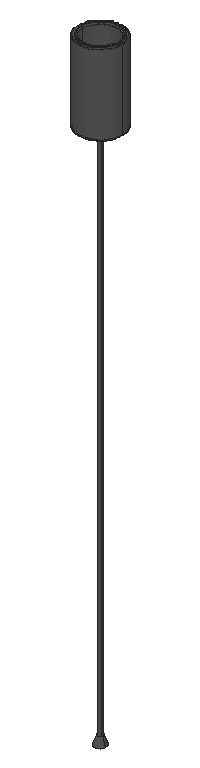
Revit family "CARLO CYLINDER LIGHT Pendant_ Surface", category Lighting Fixtures, host Face, Revit 2020 (continued)
Types (13): name | Wattage_Input | Wattage Comments | Wattage | built-in parameter 1150134 | Size 08 | Size 04 | Photometric Web File | built-in parameter 1150142 | Model | built-in parameter 1150105 | Lumens | built-in parameter 1150107 | built-in parameter 1150106 | Fixture Height | Fixture Diameter | BEAMING ANGLE | Apparent Load
  CCL4-07-20SPSW8-60-PSM-BK | 20 W | "12W/16W/20W" | 12.791 W | 2 | no | yes | "CCL4_20W_5000K_60__.IES" | "IESNA:LM-63-2002\r\n[TEST] 001\r\n[TESTLAB] \r\n[TESTDATE] 2024-03-14\r\n[ISSUEDATE] 2024-03-14 14:50:57\r\n[LAMPPOSITION] 0,0\r\n[OTHER] EVERFINE GO-2000B_V1 SYSTEM\r\n[MANUFAC] Aboveall lighting\r\n[LUMINAIRE] CCL4 20W 5000K 60¡ã \r\nTILT=NONE\r\n1 1973.7 1 181 17 1 2 -0.104 -0.104 0.000\r\n1.000 1 20.3207\r\n0.0    1.0    2.0    3.0    4.0    5.0    6.0    7.0    8.0    9.0    \r\n 10.0   11.0   12.0   13.0   14.0   15.0   16.0   17.0   18.0   19.0   \r\n 20.0   21.0   22.0   23.0   24.0   25.0   26.0   27.0   28.0   29.0   \r\n 30.0   31.0   32.0   33.0   34.0   35.0   36.0   37.0   38.0   39.0   \r\n 40.0   41.0   42.0   43.0   44.0   45.0   46.0   47.0   48.0   49.0   \r\n 50.0   51.0   52.0   53.0   54.0   55.0   56.0   57.0   58.0   59.0   \r\n 60.0   61.0   62.0   63.0   64.0   65.0   66.0   67.0   68.0   69.0   \r\n 70.0   71.0   72.0   73.0   74.0   75.0   76.0   77.0   78.0   79.0   \r\n 80.0   81.0   82.0   83.0   84.0   85.0   86.0   87.0   88.0   89.0   \r\n 90.0   91.0   92.0   93.0   94.0   95.0   96.0   97.0   98.0   99.0   \r\n 100.0  101.0  102.0  103.0  104.0  105.0  106.0  107.0  108.0  109.0  \r\n 110.0  111.0  112.0  113.0  114.0  115.0  116.0  117.0  118.0  119.0  \r\n 120.0  121.0  122.0  123.0  124.0  125.0  126.0  127.0  128.0  129.0  \r\n 130.0  131.0  132.0  133.0  134.0  135.0  136.0  137.0  138.0  139.0  \r\n 140.0  141.0  142.0  143.0  144.0  145.0  146.0  147.0  148.0  149.0  \r\n 150.0  151.0  152.0  153.0  154.0  155.0  156.0  157.0  158.0  159.0  \r\n 160.0  161.0  162.0  163.0  164.0  165.0  166.0  167.0  168.0  169.0  \r\n 170.0  171.0  172.0  173.0  174.0  175.0  176.0  177.0  178.0  179.0  \r\n 180.0  \r\n0.0    22.5   45.0   67.5   90.0   112.5  135.0  157.5  180.0  202.5  \r\n 225.0  247.5  270.0  292.5  315.0  337.5  360.0  \r\n2254.4 2247.8 2236.4 2222.1 2207 2191.8 2178 2161.2 2137.8 2112.3 \r\n 2080.1 2046.3 2007.2 1961.6 1912.9 1861.2 1809.7 1756.4 1698.8 1642.3 \r\n 1582.5 1521 1460.4 1396.4 1331.7 1264.2 1197.4 1138.2 1087.4 1037.6 \r\n 989.93 942.62 896.08 852.79 808.02 758.33 693.78 617.03 536.01 454.14 \r\n 369.58 290.45 215.32 147.21 102.95 58.967 45.145 36.938 30.367 26.155 \r\n 23.546 21.278 19.537 18.035 16.822 15.759 14.693 13.742 12.832 11.871 \r\n 11.052 10.213 9.4114 8.8989 8.299 7.8722 7.6019 7.2028 7.0557 6.7014 \r\n 6.3963 6.2227 5.6949 5.3915 4.9327 4.3571 4.1325 3.532 3.1646 2.7128 \r\n 2.2878 2.0454 1.4918 1.2963 0.8508 0.57615 0.4343 0.14363 0.045167 0.00049497 \r\n 0 0 0 0 0 0 0 0 0 0 \r\n 0 0 0.019812 0.035882 0.071731 0.10383 0.14766 0.19569 0.24773 0.30773 \r\n 0.36783 0.43981 0.5159 0.59995 0.68013 0.77612 0.87624 0.98405 1.1001 1.2242 \r\n 1.3366 1.4725 1.6127 1.7688 1.9211 2.0892 2.2654 2.4417 2.6294 2.8217 \r\n 3.0179 3.2143 3.4264 3.6388 3.863 4.0834 4.3117 4.5401 4.7764 5.0049 \r\n 5.2366 5.4611 5.6934 5.9297 6.1582 6.3787 6.599 6.8194 7.0279 7.2323 \r\n 7.4287 7.6205 7.797 7.9773 8.1417 8.2981 8.4623 8.6186 8.7709 8.943 \r\n 9.1074 9.2716 9.4355 9.5918 9.756 9.9124 10.069 10.225 10.373 10.521 \r\n 10.65 10.774 10.886 10.983 11.079 11.155 11.235 11.303 11.352 11.4 \r\n 11.414 \r\n2254.4 2246.9 2235.9 2220.8 2204.6 2190.7 2176.9 2158.2 2136.2 2108.6 \r\n 2077.5 2043.3 2001.3 1957.4 1907.1 1855.7 1804.8 1749.9 1693 1635.8 \r\n 1576 1514.6 1453.9 1390.6 1326.3 1260.3 1194 1137 1085.7 1039.2 \r\n 991.72 942.4 892.08 847.26 798.11 748.23 679.02 602.86 519.13 434.74 \r\n 354.22 279.88 205.6 140.43 88.472 59.077 46.424 37.114 30.741 26.287 \r\n 23.819 21.346 19.593 18.077 16.796 15.726 14.633 13.648 12.762 11.79 \r\n 10.996 10.156 9.4205 8.8831 8.2967 7.8415 7.5998 7.1929 6.9995 6.6872 \r\n 6.3956 6.2082 5.6852 5.3557 4.9299 4.3923 4.1013 3.4905 3.1569 2.7004 \r\n 2.2771 2.0217 1.4325 1.2541 0.85411 0.52783 0.43027 0.10734 0 0 \r\n 0 0 0 0 0 0 0 0.000080 0.0080713 0.016116 \r\n 0.028136 0.040222 0.06029 0.0844 0.11649 0.15259 0.19273 0.24085 0.29302 0.35298 \r\n 0.41715 0.48928 0.56143 0.63766 0.72591 0.82608 0.92629 1.0305 1.1428 1.263 \r\n 1.383 1.5153 1.6596 1.8079 1.9682 2.1325 2.3009 2.4773 2.6657 2.8619 \r\n 3.0505 3.2588 3.4626 3.679 3.8994 4.1237 4.3363 4.5766 4.7971 5.0334 \r\n 5.2657 5.4822 5.7146 5.9503 6.1787 6.4031 6.6274 6.8477 7.056 7.2643 \r\n 7.4646 7.6569 7.8451 8.0212 8.1851 8.3493 8.5096 8.6659 8.8301 8.9824 \r\n 9.1468 9.3229 9.4791 9.6275 9.7917 9.9435 10.096 10.256 10.4 10.54 \r\n 10.665 10.797 10.905 11.009 11.089 11.157 11.213 11.261 11.313 11.348 \r\n 11.414 \r\n2254.4 2245.8 2233.3 2219.1 2203 2188.6 2175.5 2155.8 2133.5 2106.3 \r\n 2073.8 2037.6 1996.2 1950.4 1901.7 1848.7 1796.9 1743.5 1686.2 1628.5 \r\n 1568.7 1505.7 1444.1 1379.6 1314.2 1248 1182.1 1126.4 1077.4 1030.5 \r\n 986.42 936.18 888.07 843.21 797.88 743.34 673.25 594.7 512.71 429.59 \r\n 345.29 267.8 195.17 130.23 79.823 55.117 43.65 35.341 28.965 25.391 \r\n 22.81 20.668 18.982 17.52 16.322 15.317 14.263 13.347 12.409 11.515 \r\n 10.716 9.8803 9.1808 8.6534 8.0925 7.7451 7.3883 7.0592 6.9524 6.5468 \r\n 6.3242 6.06 5.5665 5.3187 4.7296 4.3184 3.9846 3.3784 3.1019 2.5358 \r\n 2.1845 1.8674 1.3919 1.2208 0.74362 0.53171 0.35885 0.11511 0.036954 0.00040529 \r\n 0 0 0 0 0 0 0 0 0 0 \r\n 0 0 0.015862 0.047767 0.071911 0.11184 0.15579 0.1999 0.25589 0.31995 \r\n 0.38014 0.45218 0.53228 0.60851 0.70057 0.79279 0.89692 1.0009 1.117 1.2412 \r\n 1.3655 1.4978 1.638 1.7902 1.9545 2.1149 2.2872 2.4676 2.6555 2.8439 \r\n 3.0522 3.2528 3.4572 3.6697 3.8941 4.1186 4.3392 4.5637 4.7922 5.0208 \r\n 5.2408 5.4613 5.6977 5.9224 6.1549 6.3795 6.6041 6.8247 7.0373 7.2339 \r\n 7.4264 7.6144 7.7989 7.9715 8.132 8.2924 8.4528 8.6053 8.7656 8.9299 \r\n 9.0904 9.2547 9.4108 9.5632 9.7195 9.8719 10.028 10.173 10.317 10.461 \r\n 10.594 10.722 10.843 10.943 11.015 11.076 11.14 11.184 11.236 11.292 \r\n 11.414 \r\n2254.4 2247.9 2236.5 2221.1 2204.4 2191.7 2176.8 2158.1 2136.5 2110 \r\n 2079.1 2045.2 2004.4 1960.6 1911.3 1859.5 1808 1753.9 1697.4 1639.1 \r\n 1578 1516.4 1454.4 1389.6 1325.4 1257.6 1193.6 1135.8 1084.7 1038.4 \r\n 993.49 946.3 896.65 849.29 805.12 754.71 683.39 605.24 522.53 438.1 \r\n 355.32 276.9 198.57 133.2 83.348 56.998 44.992 36.61 29.46 25.75 \r\n 22.851 20.784 19.003 17.526 16.316 15.313 14.248 13.314 12.395 11.486 \r\n 10.688 9.8547 9.1151 8.5969 7.9906 7.5944 7.297 6.91 6.7561 6.428 \r\n 6.1839 5.985 5.5295 5.2386 4.726 4.2828 3.9282 3.3373 3.0745 2.5463 \r\n 2.1506 1.8952 1.3378 1.2066 0.76691 0.47619 0.3867 0.09151 0 0 \r\n 0 0 0 0 0 0 0.000039 0.0040486 0.0080773 0.016097 \r\n 0.02418 0.040252 0.060301 0.08042 0.10852 0.14068 0.18085 0.22904 0.28518 0.34122 \r\n 0.40538 0.4696 0.54187 0.62608 0.71039 0.80662 0.90293 1.0073 1.1196 1.2399 \r\n 1.3559 1.4884 1.6327 1.7811 1.9336 2.098 2.2665 2.4431 2.6315 2.82 \r\n 3.0126 3.2171 3.4211 3.6337 3.8503 4.0788 4.2954 4.5279 4.7565 4.9811 \r\n 5.2096 5.4342 5.6707 5.8946 6.1192 6.3438 6.5763 6.7967 7.0052 7.2096 \r\n 7.41 7.5985 7.7908 7.9592 8.1271 8.2874 8.4438 8.6002 8.7606 8.925 \r\n 9.0815 9.2498 9.4101 9.5626 9.723 9.8828 10.031 10.196 10.344 10.484 \r\n 10.612 10.732 10.833 10.921 11.001 11.073 11.145 11.225 11.281 11.341 \r\n 11.414 \r\n2254.4 2251 2243.4 2230.7 2215.2 2199.1 2183.7 2169.9 2150.9 2127.4 \r\n 2099.8 2067.2 2026.6 1982.4 1935.4 1885.2 1832.6 1777.4 1722.1 1664.8 \r\n 1604.9 1543.9 1481.9 1418.7 1355.3 1291.1 1224.6 1166.2 1115.5 1068 \r\n 1022.2 975.91 927.18 882.46 838.41 791.82 730.73 651.62 567.03 481.76 \r\n 392.77 309.17 234.51 160.02 101.45 67.311 51.639 41.853 33.658 27.906 \r\n 24.679 21.918 19.794 18.122 16.779 15.588 14.56 13.568 12.664 11.749 \r\n 10.92 10.12 9.3455 8.6859 8.0801 7.5452 7.1408 6.7225 6.4672 6.2892 \r\n 5.9385 5.7177 5.433 5.1052 4.7988 4.3167 3.9129 3.5395 3.0527 2.6909 \r\n 2.1889 1.8769 1.5792 1.1497 0.93536 0.5457 0.35466 0.21407 0.023752 0 \r\n 0 0 0 0 0 0.000049 0.0040506 0.0081028 0.016044 0.020045 \r\n 0.024133 0.036094 0.044142 0.056284 0.080341 0.1084 0.14046 0.17663 0.2246 0.26862 \r\n 0.32464 0.38083 0.45278 0.51698 0.59706 0.6811 0.76523 0.85751 0.96946 1.0737 \r\n 1.1893 1.3016 1.4337 1.5738 1.718 1.8741 2.0303 2.1984 2.3706 2.5508 \r\n 2.743 2.9385 3.1308 3.3468 3.555 3.7711 3.9912 4.2153 4.4396 4.6755 \r\n 4.8998 5.1358 5.3638 5.5833 5.8074 6.0355 6.2556 6.4756 6.6876 6.8996 \r\n 7.1036 7.2997 7.4916 7.6677 7.8471 8.0152 8.1833 8.3513 8.5154 8.6835 \r\n 8.8557 9.0316 9.1999 9.3797 9.5399 9.7075 9.8795 10.04 10.204 10.368 \r\n 10.528 10.668 10.807 10.931 11.051 11.147 11.239 11.327 11.407 11.474 \r\n 11.414 \r\n2254.4 2251.5 2244.2 2233.3 2217.2 2202.2 2186.6 2173.1 2155.3 2133.9 \r\n 2106.8 2074.8 2038.1 1994.9 1948.2 1898.5 1846.6 1790.8 1736.5 1678 \r\n 1618.6 1557.9 1496.6 1434.7 1371.8 1306.5 1241.6 1179.5 1126.4 1077.4 \r\n 1029.8 983.37 936.5 893.04 851.03 805.11 751.72 676.18 591.4 502.83 \r\n 414.27 332.14 247.91 173.07 122.82 72.789 54.557 44.283 35.244 29.205 \r\n 25.099 22.57 20.128 18.368 16.916 15.737 14.719 13.702 12.837 11.901 \r\n 11.035 10.24 9.4241 8.7186 8.1489 7.5646 7.1508 6.7544 6.4494 6.2484 \r\n 5.9411 5.7004 5.449 5.1136 4.7773 4.2904 3.9052 3.5368 3.0376 2.696 \r\n 2.193 1.8753 1.6028 1.1649 0.92275 0.57952 0.39388 0.25337 0.081539 0.012583 \r\n 0.000099 0 0 0 0 0 0 0 0 0 \r\n 0 0 0.0039696 0.015914 0.031893 0.059822 0.079841 0.1276 0.16374 0.20769 \r\n 0.26759 0.32367 0.38764 0.45566 0.53562 0.6117 0.69967 0.79146 0.89144 1.0034 \r\n 1.1155 1.2355 1.3595 1.4955 1.6396 1.7876 1.9516 2.1078 2.2833 2.4634 \r\n 2.6514 2.8396 3.0436 3.2477 3.4558 3.6679 3.8841 4.1081 4.3323 4.5604 \r\n 4.784 5.0082 5.2363 5.4605 5.6767 5.8968 6.1209 6.3372 6.5454 6.7495 \r\n 6.9497 7.1454 7.3256 7.5097 7.682 7.8541 8.0183 8.1824 8.3465 8.5225 \r\n 8.6907 8.8707 9.0464 9.2186 9.3947 9.5509 9.7269 9.8871 10.059 10.223 \r\n 10.387 10.548 10.684 10.82 10.948 11.052 11.16 11.256 11.333 11.413 \r\n 11.414 \r\n2254.4 2254.5 2250.1 2239.4 2226.6 2211.6 2195.5 2181.3 2166 2147.1 \r\n 2121.8 2091.6 2058 2019.2 1975 1925.1 1874.7 1821.8 1768.2 1711.8 \r\n 1652.5 1591 1528.9 1466.5 1403 1339.7 1272.5 1207.8 1147.2 1093.9 \r\n 1045.1 999.76 954.13 910.25 867.35 823.94 777.09 713.03 630.15 545.57 \r\n 456.41 369.74 288.92 208.22 138.93 87.897 61.158 48.683 39.197 31.826 \r\n 26.971 23.833 21.135 19.113 17.588 16.247 15.193 14.148 13.191 12.343 \r\n 11.399 10.6 9.7518 9.0195 8.4034 7.7594 7.2596 6.8861 6.4631 6.2143 \r\n 5.9496 5.6772 5.4315 5.0912 4.794 4.4568 3.9924 3.5948 3.1306 2.7497 \r\n 2.3682 1.9404 1.6149 1.2275 0.96658 0.68181 0.3916 0.26656 0.071396 0 \r\n 0 0 0 0 0.000048 0.0040575 0.008067 0.012026 0.012026 0.012151 \r\n 0.024094 0.028191 0.04022 0.052203 0.060456 0.088475 0.11268 0.14876 0.185 0.23302 \r\n 0.28515 0.33736 0.39754 0.46179 0.53396 0.60636 0.69849 0.78283 0.87921 0.98741 \r\n 1.0915 1.2117 1.3203 1.4566 1.597 1.7415 1.8979 2.0544 2.2229 2.3993 \r\n 2.5799 2.7679 2.9644 3.1649 3.3734 3.582 3.7986 4.023 4.2357 4.4642 \r\n 4.6847 4.9093 5.1338 5.3576 5.5702 5.7947 6.0112 6.2317 6.4442 6.6565 \r\n 6.849 7.0454 7.2416 7.4101 7.59 7.7663 7.9267 8.095 8.2556 8.432 \r\n 8.6045 8.7848 8.9574 9.1417 9.3222 9.5018 9.6544 9.8308 10.003 10.176 \r\n 10.344 10.504 10.665 10.813 10.949 11.073 11.169 11.269 11.345 11.429 \r\n 11.414 \r\n2254.4 2254.8 2250.1 2239.8 2227.4 2213.1 2197.2 2182.5 2167.4 2148.1 \r\n 2124.7 2096.2 2064 2028.1 1986.3 1941.3 1891 1840.1 1786.5 1731.6 \r\n 1673.7 1612.5 1550 1487.1 1422.8 1356 1288.6 1223.4 1155.6 1098.7 \r\n 1049.4 1003.1 959.38 913.82 872.45 828.09 785.64 725.98 654.16 569.69 \r\n 478.57 394.18 310.11 232.23 161.36 113.2 65.231 49.545 40.363 32.823 \r\n 27.193 23.985 21.377 19.278 17.705 16.383 15.306 14.275 13.328 12.485 \r\n 11.575 10.735 9.9201 9.1139 8.4944 7.837 7.3343 6.9642 6.5315 6.2694 \r\n 5.9649 5.6999 5.4915 5.14 4.8546 4.4705 4.0457 3.6643 3.1481 2.8136 \r\n 2.3852 1.976 1.7102 1.2437 1.0048 0.7284 0.44371 0.29802 0.10991 0.032725 \r\n 0.00026439 0 0 0 0 0 0 0 0 0 \r\n 0 0 0 0 0.019897 0.039951 0.067892 0.095967 0.13596 0.17607 \r\n 0.22412 0.28021 0.33636 0.40046 0.47657 0.55278 0.63694 0.72491 0.81712 0.92128 \r\n 1.0295 1.1458 1.2581 1.3863 1.5266 1.6749 1.8273 1.9877 2.1556 2.3241 \r\n 2.5044 2.6968 2.8894 3.0859 3.3023 3.5029 3.7194 3.9439 4.1646 4.3931 \r\n 4.6132 4.8377 5.0663 5.287 5.5036 5.7281 5.9527 6.1694 6.382 6.5946 \r\n 6.7992 6.9913 7.1957 7.3764 7.5489 7.7174 7.8938 8.0425 8.2187 8.3793 \r\n 8.5517 8.7281 8.9001 9.0766 9.257 9.4375 9.5981 9.7744 9.943 10.119 \r\n 10.292 10.452 10.613 10.757 10.897 11.022 11.138 11.239 11.335 11.415 \r\n 11.414 \r\n2254.4 2255.8 2252.3 2242.5 2229.6 2215.1 2198.9 2185.8 2170.6 2151.6 \r\n 2127.1 2099.9 2066.7 2031.1 1990.8 1945.5 1899.2 1849.4 1800.6 1749 \r\n 1693.7 1637.1 1578.2 1516.7 1454.9 1387.8 1319.4 1250.6 1182.9 1117.8 \r\n 1061.2 1011.6 964.56 918.96 874.45 830.86 788.41 739.93 674.24 595.73 \r\n 511.95 430.39 346.31 269.31 192.45 127.75 77.473 52.478 41.923 34.288 \r\n 27.848 24.612 21.787 19.875 18.179 16.76 15.628 14.645 13.606 12.739 \r\n 11.8 11.018 10.221 9.4373 8.7828 8.2098 7.631 7.2539 6.8386 6.5474 \r\n 6.3724 5.962 5.748 5.3954 5.0472 4.7217 4.222 3.8289 3.3922 2.9643 \r\n 2.6018 2.0801 1.8255 1.3901 1.0671 0.8643 0.47115 0.31845 0.12287 0 \r\n 0 0 0 0.000047 0.0039578 0.000049 0.0040057 0.0040565 0.0080523 0.012143 \r\n 0.023992 0.020204 0.036141 0.0442 0.056361 0.080306 0.096527 0.12868 0.16865 0.20077 \r\n 0.2489 0.30103 0.35721 0.42132 0.48565 0.5697 0.64597 0.73417 0.82632 0.91872 \r\n 1.0306 1.1468 1.2631 1.3834 1.5158 1.6601 1.8083 1.9607 2.1251 2.2975 \r\n 2.4778 2.6578 2.8541 3.0546 3.2628 3.4593 3.6718 3.9001 4.1205 4.3449 \r\n 4.5655 4.8057 5.0301 5.2537 5.4701 5.6906 5.9149 6.1352 6.3515 6.5637 \r\n 6.7641 6.9684 7.1685 7.3449 7.5285 7.6929 7.873 8.0332 8.1856 8.3539 \r\n 8.5222 8.6945 8.8669 9.0471 9.2193 9.3872 9.5555 9.7277 9.8961 10.068 \r\n 10.244 10.401 10.557 10.701 10.837 10.965 11.077 11.181 11.281 11.369 \r\n 11.414 \r\n2254.4 2255.5 2251.7 2242.1 2229.3 2214.4 2199.3 2185.7 2169.4 2152.3 \r\n 2127.2 2099.1 2067.8 2031 1991.7 1947.4 1900.7 1852.1 1802.9 1752.2 \r\n 1698.9 1642.1 1584.8 1525.2 1462.6 1397.2 1327.4 1259.9 1192.4 1123.9 \r\n 1067.7 1015.6 969.12 923.93 878.8 835.36 791.8 743.65 680.7 605.78 \r\n 521.19 440.53 357.22 277.65 200.8 136.07 95.554 55.24 43.243 34.982 \r\n 28.385 24.972 22.126 20.139 18.426 16.957 15.796 14.77 13.752 12.853 \r\n 11.916 11.068 10.267 9.4334 8.7707 8.2009 7.624 7.2854 6.8654 6.5758 \r\n 6.4026 6.0076 5.7905 5.4234 5.0984 4.8334 4.2553 3.8809 3.4407 2.9999 \r\n 2.6784 2.1273 1.8805 1.4385 1.1167 0.94299 0.50876 0.35388 0.16191 0.037106 \r\n 0.0082427 0.000064 0 0 0 0 0 0 0 0 \r\n 0 0 0 0.0039745 0.0079813 0.027894 0.059773 0.083892 0.11587 0.15189 \r\n 0.19986 0.25986 0.31996 0.37609 0.44411 0.52017 0.60426 0.68817 0.78024 0.88034 \r\n 0.98844 1.1006 1.2247 1.341 1.4731 1.6212 1.7615 1.9256 2.0894 2.2576 \r\n 2.4339 2.6221 2.8104 3.0146 3.2229 3.4233 3.6395 3.8519 4.0762 4.3006 \r\n 4.5283 4.7448 4.9731 5.1975 5.41 5.6343 5.8586 6.0711 6.2874 6.4958 \r\n 6.7042 6.904 7.0964 7.2808 7.4532 7.6255 7.7939 7.9502 8.1105 8.2747 \r\n 8.4469 8.6152 8.7831 8.9593 9.1356 9.3119 9.4683 9.6445 9.8208 9.9931 \r\n 10.157 10.318 10.478 10.626 10.758 10.887 10.999 11.115 11.207 11.292 \r\n 11.414 \r\n2254.4 2256.6 2254 2245.1 2231.8 2217.9 2201.2 2187.8 2173.1 2154.8 \r\n 2132.2 2104.2 2072.1 2037.6 1999.1 1954.6 1908.9 1860.8 1811.8 1761.8 \r\n 1708.5 1653.6 1595.8 1536.9 1475 1408.2 1340.6 1272.9 1203 1133.2 \r\n 1075.6 1024.9 978.01 933.65 887.13 844.53 800.85 753.84 694.31 619.87 \r\n 538.52 456.64 372.79 291.07 219.2 147.5 90.538 57.429 44.118 35.619 \r\n 28.992 25.07 22.423 20.363 18.645 17.145 15.928 14.941 13.881 12.998 \r\n 12.112 11.195 10.393 9.5681 8.8579 8.3001 7.7003 7.2643 6.9233 6.568 \r\n 6.346 6.0025 5.7742 5.559 5.1357 4.8457 4.3536 3.9649 3.5981 3.0589 \r\n 2.7127 2.249 1.9085 1.5941 1.1478 0.9255 0.56336 0.37502 0.19842 0.0079315 \r\n 0 0 0 0 0 0 0.000050 0.0040596 0.0080177 0.0081014 \r\n 0.016078 0.020176 0.03216 0.040271 0.056217 0.064475 0.092544 0.12071 0.15675 0.18886 \r\n 0.23305 0.28522 0.34145 0.40565 0.47391 0.55009 0.62642 0.71469 0.80696 0.90334 \r\n 1.0113 1.1197 1.236 1.3565 1.4928 1.6332 1.7777 1.9341 2.0946 2.2632 \r\n 2.4476 2.6277 2.8162 3.0127 3.2133 3.4218 3.6305 3.8509 4.0636 4.292 \r\n 4.5047 4.7292 4.9496 5.1656 5.3861 5.6027 5.8273 6.0517 6.2643 6.4807 \r\n 6.6851 6.
